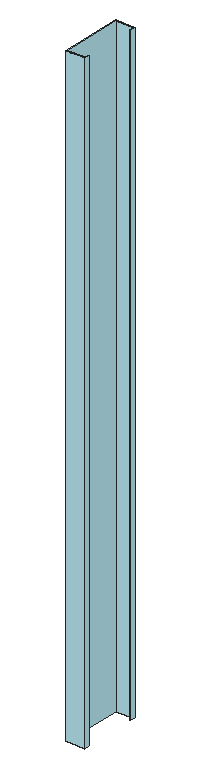
Revit family "hokyozai_100", category 機械設備, Revit 2022
Family settings
  丸型コネクタ寸法 = 直径を使用
  種別 = なし
  パーツ タイプ = 標準
  作業面ベース = いいえ
  常に垂直 = はい
  ロード時にボイドで切り取り = いいえ
  注釈の向きを維持 = いいえ
  共有 = いいえ
  部屋計算ポイント = いいえ
Parameters
  製造元 = "株式会社桐井製作所"
  既定の高さ = 0 mm
  URL = "https://www.kirii.co.jp/"
  K_長さ(mm) [instance] = 1000 mm
  K_材質 = "SGCC一般用・SGC340~570高強度一般用・SGH340~570高強度一般用"
  K_外形寸法(mm) = "100×30×7"
  K_品名 = "100補強材"
  K_名称 = "補強材"
  K_バージョン情報 = "20210524"
  K_めっき付着量 = "Z08"
  K_JIS規格 = "JIS G 3302"
Reference planes
  plane 1 "中心(正面/背面)": y = 0
  plane 2: z = 0
  plane 3 "中心(左/右)": x = 0
  plane 4: z = 1000
  plane 5: y = 100
Forms (mm)
  Extrusion 1, solid
    sketch origin (0, 0, 0) x (1, 0, 0) y (0, 1, 0)
      loop
        line (0, 0) -> (30, 0) -> (30, 7) -> (28.8, 7) -> (28.8, 1.2) -> (1.2, 1.2) -> (1.2, 98.8) -> (28.8, 98.8) -> (28.8, 93) -> (30, 93) -> (30, 100) -> (0, 100) -> (0, 0)
    from 0 to 1000
Dimensions and locks
  "K_長さ(mm)": plane 4 to plane 2
  aligned and locked: level to plane 2
  aligned and locked: plane 4 to Extrusion 1
  aligned and locked: plane 5 to Extrusion 1  (x2)
Automatic sketch dimensions
  Extrusion 1 sketch curve to plane 3 "中心(左/右)" = 0 mm
  plane 1 "中心(正面/背面)" to Extrusion 1 sketch curve = 0 mm
  plane 3 "中心(左/右)" to Extrusion 1 sketch curve = 1.2 mm
  Extrusion 1 sketch curve to plane 1 "中心(正面/背面)" = 7 mm
  Extrusion 1 sketch curve to Extrusion 1 sketch curve = 27.6 mm  (x2)
  Extrusion 1 sketch curve to Extrusion 1 sketch curve = 1.2 mm  (x3)
  Extrusion 1 sketch curve to plane 1 "中心(正面/背面)" = 1.2 mm
  Extrusion 1 sketch curve to Extrusion 1 sketch curve = 86 mm
  Extrusion 1 sketch curve to Extrusion 1 sketch curve = 5.8 mm
